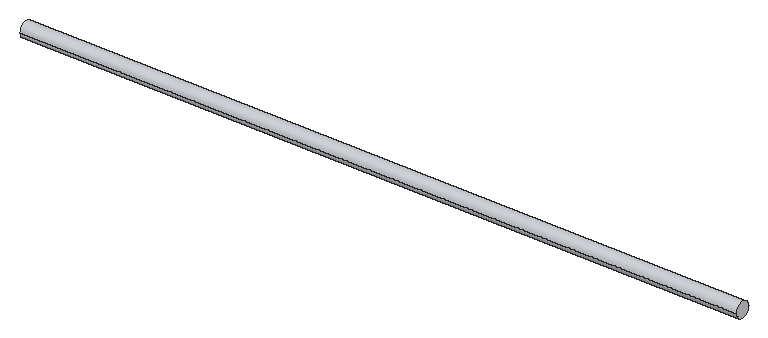
Revit family "StructuralFraming_Circle", category Structural Framing, Revit 2018
Family settings
  Structural Framing Length Roundoff = 1 mm
  Section Shape = Round
  Material for Model Behavior = Steel
  Always export as geometry = No
  Always vertical = Yes
  Cut with Voids When Loaded = No
  Symbolic Representation = From Project Settings
  Shared = No
  Show family pre-cut in plan views = Yes
Parameters
  Structural Material [instance] = none
  Length [instance] = 1500 mm
  Keynote = "G10"
  Diameter = 25 mm
Reference planes
  plane 1 "Center (Front/Back)": y = 0
  plane 2: z = 0
  plane 3 "Center (Left/Right)": x = 4.61
  plane 4 "Member Left": x = -604.99
  plane 5 "Member Right": x = 614.21
  plane 6: y = 12.5
  plane 7: y = -12.5
  plane 8 "Top": z = 12.5
  plane 9: z = -12.5
  plane 10 "Left": x = -757.39
  plane 11 "Right": x = 742.61
Forms (mm)
  Extrusion 1, solid, material <- "Structural Material", detail levels medium+fine
    sketch origin (4.61, 0, 0) x (0, 1, 0) y (0, 0, 1)
      loop
        circle (0, 0) r 12.5
    from -609.6 to 609.6
Lines and regions (mm)
  symbolic lines, style "Stick Symbols", detail levels coarse
    curve 1: arc (0, 12.5, 0) -> (0, 0, -12.5) -> (0, -12.5, 0) r 12.5
    curve 2: arc (0, -12.5, 0) -> (0, 0, 12.5) -> (0, 12.5, 0) r 12.5
Dimensions and locks
  "Diameter": plane 6 to plane 7
  "Diameter": plane 9 to plane 8 "Top"
  equal spacing: plane 9, plane 2, plane 8 "Top"
  equal spacing: plane 6, plane 1 "Center (Front/Back)", plane 7
  "Length": plane 10 "Left" to plane 11 "Right"
  aligned and locked: plane 4 "Member Left" to Extrusion 1
  aligned and locked: Extrusion 1 to plane 5 "Member Right"
Automatic sketch dimensions
  Extrusion 1 sketch curve to level = 0 mm
  Extrusion 1 sketch curve to plane 7 = 0 mm
  Extrusion 1 sketch curve to plane 1 "Center (Front/Back)" = 0 mm
  curve 1 to level = 0 mm
  curve 1 to plane 7 = 0 mm
  curve 1 to plane 1 "Center (Front/Back)" = 0 mm
